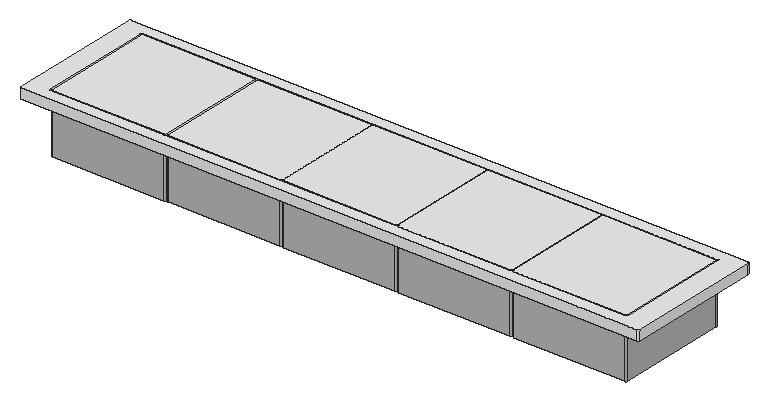
Revit family "Schneider_D-Life_5-elementos", category Electrical Fixtures, host Face, Revit 2015
Parameters (values of type "Estándar")
  Versión = "L2.00"  # constant formula
  Vacío.Espesor = 30 mm
  Tecla.Perpendicular [instance] = no
  Tecla.Anchura = 70 mm  # constant formula
  Símbolo5.dx.Control [instance] = Símbolo5.dx + 140 mm  # 220 mm
  Símbolo5.dx [instance] = 80 mm
  Símbolo4.dx.Control [instance] = Símbolo4.dx + 70 mm  # 110 mm
  Símbolo4.dx [instance] = 40 mm
  Símbolo3.dx.Control [instance] = Símbolo3.dx  # 0 mm
  Símbolo3.dx [instance] = 0 mm
  Símbolo2.dx.Control [instance] = Símbolo2.dx - 70 mm  # -110 mm
  Símbolo2.dx [instance] = -40 mm
  Símbolo1.dx.Control [instance] = Símbolo1.dx - 140 mm  # -220 mm
  Símbolo.dy [instance] = 40 mm
  Símbolo1.dx [instance] = -80 mm
  Símbolo.Simetría [instance] = no
  Símbolo.Giro [instance] = 0.00°
  Revisado por = "000"  # constant formula
  Modificado por = "000"  # constant formula
  Modelado por = "034"  # constant formula
  Marco.Tipo = Schneider_D-Life_Marco_5-elementos : Ártico
  Elemento5.Tipo = Schneider_D-Life_Mecanismo-Tecla_Accesorios-Zumbador : Timbre-Ártico
  Elemento4.Tipo = Schneider_D-Life_Mecanismo-Tecla_Accesorios-Zumbador : Timbre-Ártico
  Elemento3.Tipo = Schneider_D-Life_Mecanismo-Tecla_Accesorios-Zumbador : Timbre-Ártico
  Elemento2.Tipo = Schneider_D-Life_Mecanismo-Tecla_Accesorios-Zumbador : Timbre-Ártico
  Elemento1.Tipo = Schneider_D-Life_Mecanismo-Tecla_Accesorios-Zumbador : Timbre-Ártico
  Desfase.Z.Positivo [instance] = if(Desfase > 0 mm, Desfase, 0 mm)  # 0 mm
  Desfase.Z.Negativo [instance] = if(Desfase < 0 mm, -1 * Desfase, 0 mm)  # 0 mm
  Desfase [instance] = 0 mm
  Default Elevation = 1000 mm
  Autor.URL = "www.a3d.es"
  Autor = "A3D Consulting"  # constant formula
Reference planes
  plane 1 "Centro (Frontal/Posterior)": y = 0
  plane 2: z = 0
  plane 3 "Centro (Izquierda/Derecha)": x = 0
  plane 4 "Geometría.Z.Positivo": z = 0
  plane 5 "Geometría.Z.Negativo": z = 0
  plane 6: x = -35
  plane 7: x = 35
  plane 8: x = -105
  plane 9: x = 105
Forms (mm)
  Sweep 1, void
    path origin (0, 0, 0) x (1, 0, 0) y (0, 0, 1)
      loop
        line (0, 0) -> (0, -30)
    profile origin (0, 0, -15) x (0, -1, 0) y (1, 0, 0)
      loop
        line (-34, -175.75) -> (34, -175.75)
        arc (34, -175.75) -> (34.707, -175.457) -> (35, -174.75) r 1
        line (35, -174.75) -> (35, 174.75)
        arc (35, 174.75) -> (34.707, 175.457) -> (34, 175.75) r 1
        line (34, 175.75) -> (-34, 175.75)
        arc (-34, 175.75) -> (-34.707, 175.457) -> (-35, 174.75) r 1
        line (-35, 174.75) -> (-35, -174.75)
        arc (-35, -174.75) -> (-34.707, -175.457) -> (-34, -175.75) r 1
Text (mm)
  text "A3D CONSULTING INTEGRATED BIM SOLUTIONS, S.L.\n\nCONTRATO DE LICENCIA DE USUARIO FINAL\n\n\n\n\n\nAVISO A LOS USUARIOS: LEA ATENTAMENTE EL SIGUIENTE CONTRATO ANTES DE CONTINUAR. EL USO DEL CONTENIDO BIM EN FORMATO REVIT QUE SE ACOMPAÑA DEL PRESENTE ACUERDO (\"CONTENIDO BIM A3D CONSULTING\") CONSTITUYE SU ACEPTACIÓN DE ESTOS TÉRMINOS. SI USTED NO ESTÁ DE ACUERDO CON LAS CONDICIONES DE ESTE ACUERDO NO ABRA, ACCEDA DIRECTA O INDIRECTAMENTE, MODIFIQUE,  COPIE NI USE EL CONTENIDO BIM A3D CONSULTING, NI TOTAL NI PARCIALMENTE. EL USO DEL CONTENIDO BIM A3D CONSULTING POR PARTE DEL USUARIO ESTÁ CONDICIONADO AL CUMPLIMIENTO POR EL MISMO DE LOS TÉRMINOS DE ESTE ACUERDO.\n\n\n\n1.\tDEFINICIONES\n\nEste contrato de licencia de usuario final para el Contenido BIM A3D Consulting (“CLUF”) constituye un acuerdo legal entre usted como usuario final (ya sea persona física o entidad legalmente reconocida) (el \"Titular de la licencia\") y A3D CONSULTING INTEGRATED BIM SOLUTIONS, S.L. para el Contenido BIM A3D Consulting que acompaña a este CLUF. El Contenido BIM A3D CONSULTING consiste en uno o varios archivos en formato Autodesk Revit, pudiendo incluir elementos y medios asociados, así como la documentación \"en línea\" o electrónica (\"Contenido BIM A3D Consulting \").\n\n\n\n2.\tCONCESIÓN DE LA LICENCIA\n\nA3D CONSULTING INTEGRATED BIM SOLUTIONS, S.L. le concede una licencia para utilizar y modificar el contenido BIM incluido en una copia de Contenido BIM A3D Consulting.  El \"Titular de la licencia \" designa a la empresa, entidad o persona física, cuyos fondos son utilizados para pagar la cuota de licencia. \"Uso\" designa la copia, el almacenaje, la carga, la instalación o la muestra del Contenido BIM A3D Consulting. En virtud del presente, el Titular de la licencia no puede alquilar, arrendar, ceder, prestar, vender ni sublicenciar el Contenido BIM A3D Consulting a otra persona física, empresa o entidad.\n\n\n\n3.\tPROPIEDAD\n\nA3D CONSULTING INTEGRATED BIM SOLUTIONS, S.L. es el propietario y el titular del copyright del Contenido BIM A3D Consulting. La licencia adquirida no confiere al Titular de la licencia ningún título o propiedad sobre el contenido y no debe interpretarse como una venta de ningún derecho.\n\n\n\n4.\tCOPYRIGHT\n\nEl Contenido BIM A3D Consulting está protegido por las leyes españolas del copyright, las disposiciones de los tratados internacionales y otras leyes aplicables. En virtud del presente, el Titular de la licencia reconoce que no se le transfiere ningún título de la propiedad intelectual de A3D CONSULTING INTEGRATED BIM SOLUTIONS, S.L.. Además, el Titular de la licencia reconoce que el título y todos los derechos de autor sobre el Contenido BIM A3D Consulting seguirán siendo propiedad exclusiva de A3D CONSULTING INTEGRATED BIM SOLUTIONS, S.L. y no adquirirá ningún derecho sobre el Contenido BIM A3D Consulting, a excepción de lo expresamente establecido en esta licencia.\n\n\n\n5.\tRESPONSABILIDAD\n\nEn virtud del presente, el Titular de la licencia acepta que defenderá, indemnizará y eximirá a A3D CONSULTING INTEGRATED BIM SOLUTIONS, S.L. de cualesquiera reclamaciones o responsabilidades derivadas del uso, uso indebido, distribución o ejecución del Contenido BIM A3D Consulting de A3D CONSULTING INTEGRATED BIM SOLUTIONS, S.L., incluyendo las reclamaciones presentadas en contra del Titular de la licencia por el uso de dicho  contenido. Asimismo, el Titular de la licencia acepta eximir de toda responsabilidad y proteger a A3D CONSULTING INTEGRATED BIM SOLUTIONS, S.L. frente a cualquier tipo de demandas civiles, legales o penales. Las cantidades derivadas de dichos procesos, incluyendo resoluciones y costas judiciales, correrán a cargo del Titular de la licencia.\n\n\n\n6.\tGARANTÍA\n\nDurante un periodo de 30 días, a contar a partir de la fecha de entrega del producto, A3D CONSULTING INTEGRATED BIM SOLUTIONS, S.L. garantiza que dicho producto está libre de defectos en los materiales y la mano de obra. En caso de incumplimiento de esta garantía, el Titular de la licencia recibirá como  única compensación el reemplazo del producto. El Contenido BIM A3D Consulting y cualquier documentación relacionada se proporcionan \"tal cual\", sin garantía de ningún tipo, ya sea expresa o implícita, incluyendo, a título enunciativo pero no limitativo, las garantías implícitas o comerciabilidad, la idoneidad para un propósito particular o la inexistencia de infracción. Cualquier riesgo derivado del uso o los resultados del Contenido BIM A3D Consulting correrá a cargo del licenciatario.\n\n\n\n7.\tLEGISLACIÓN APLICABLE\n\nTodos los aspectos del presente Contrato se regirán e interpretarán de conformidad con la legislación vigente en España.\n\n\n\n8.\tENMIENDAS\n\nA3D CONSULTING INTEGRATED BIM SOLUTIONS, S.L. se reserva el derecho de modificar este acuerdo en cualquier momento.\n\n\n\n9.\tAPLICABILIDAD\n\nEn caso de que alguna de las disposiciones de este acuerdo fuera nula o inaplicable, las partes acuerdan que dicha invalidez no afectará a la validez de las disposiciones restantes de este acuerdo.\n\n\n\n- FIN DEL CONTRATO DE LICENCIA DE USUARIO FINAL -\n\nBarcelona / España, 15.02.2015\n\nA3D CONSULTING INTEGRATED BIM SOLUTIONS, S.L." at (-2386.934, 1015.184, 0), in view "CLUF"
Dimensions and locks
  "Desfase.Z.Negativo": level to plane 5 "Geometría.Z.Negativo"
  "Desfase.Z.Positivo": plane 4 "Geometría.Z.Positivo" to plane 5 "Geometría.Z.Negativo"
  "Tecla.Anchura": plane 6 to plane 7
  equal spacing: plane 8, plane 6, plane 7, plane 9
  equal spacing: plane 6, plane 3 "Centro (Izquierda/Derecha)", plane 7
  "Vacío.Espesor": plane 4 "Geometría.Z.Positivo" to Sweep 1 sketch curve
  aligned and locked: plane 2 to host face
  aligned and locked: level to host face
  aligned and locked: plane 2 to Sweep 1 sketch curve
  aligned and locked: Sweep 1 sketch curve to plane 3 "Centro (Izquierda/Derecha)"
  aligned and locked: plane 1 "Centro (Frontal/Posterior)" to nested 1
  aligned and locked: plane 3 "Centro (Izquierda/Derecha)" to nested 1
  aligned and locked: plane 1 "Centro (Frontal/Posterior)" to nested 4
  aligned and locked: plane 1 "Centro (Frontal/Posterior)" to nested 3
  aligned and locked: plane 1 "Centro (Frontal/Posterior)" to nested 5
  aligned and locked: plane 1 "Centro (Frontal/Posterior)" to nested 6
Automatic sketch dimensions
  host sketch curve to host sketch curve = 1994.597 mm
  host sketch curve to host sketch curve = 2000 mm
Nested families
  nested 1: "Schneider_D-Life_Marco_5-elementos" at (0, 0, 0), type <- "Marco.Tipo", type "Ártico"
    with Schneider.D-Life.Cost 10.87, Marco.Anchura.Control 7 mm, Marco.Anchura 84 mm
  nested 2: "Schneider_D-Life_Mecanismo-Tecla_Accesorios-Zumbador" at (-140.15, 0, 0), Tecla.Perpendicular <- "Tecla.Perpendicular", Símbolo.dy <- "Símbolo.dy", Símbolo.dx <- "Símbolo1.dx", type <- "Elemento1.Tipo", Símbolo.Simetría <- "Símbolo.Simetría", Símbolo2.dx <- "Símbolo1.dx.Control", type "Timbre-Ártico"
    with Tecla.Perpendicular no, Símbolo2.dx -220 mm, Símbolo.dy 40 mm, Símbolo.dx -80 mm, Símbolo.Simetría no
  nested 3: "Schneider_D-Life_Mecanismo-Tecla_Accesorios-Zumbador" at (0.15, 0, 0), Tecla.Perpendicular <- "Tecla.Perpendicular", Símbolo.dx <- "Símbolo3.dx", Símbolo.dy <- "Símbolo.dy", type <- "Elemento3.Tipo", Símbolo.Simetría <- "Símbolo.Simetría", Símbolo2.dx <- "Símbolo3.dx.Control", type "Timbre-Ártico"
    with Tecla.Perpendicular no, Símbolo2.dx 0 mm, Símbolo.dy 40 mm, Símbolo.dx 0 mm, Símbolo.Simetría no
  nested 4: "Schneider_D-Life_Mecanismo-Tecla_Accesorios-Zumbador" at (-69.85, 0, 0), Símbolo.dx <- "Símbolo2.dx", Símbolo.dy <- "Símbolo.dy", Tecla.Perpendicular <- "Tecla.Perpendicular", type <- "Elemento2.Tipo", Símbolo.Simetría <- "Símbolo.Simetría", Símbolo2.dx <- "Símbolo2.dx.Control", type "Timbre-Ártico"
    with Tecla.Perpendicular no, Símbolo2.dx -110 mm, Símbolo.dy 40 mm, Símbolo.dx -40 mm, Símbolo.Simetría no
  nested 5: "Schneider_D-Life_Mecanismo-Tecla_Accesorios-Zumbador" at (70.15, 0, 0), Tecla.Perpendicular <- "Tecla.Perpendicular", Símbolo.dx <- "Símbolo4.dx", Símbolo.dy <- "Símbolo.dy", type <- "Elemento4.Tipo", Símbolo.Simetría <- "Símbolo.Simetría", Símbolo2.dx <- "Símbolo4.dx.Control", type "Timbre-Ártico"
    with Tecla.Perpendicular no, Símbolo2.dx 110 mm, Símbolo.dy 40 mm, Símbolo.dx 40 mm, Símbolo.Simetría no
  nested 6: "Schneider_D-Life_Mecanismo-Tecla_Accesorios-Zumbador" at (140.15, 0, 0), Símbolo.dy <- "Símbolo.dy", Símbolo.dx <- "Símbolo5.dx", Tecla.Perpendicular <- "Tecla.Perpendicular", type <- "Elemento5.Tipo", Símbolo.Simetría <- "Símbolo.Simetría", Símbolo2.dx <- "Símbolo5.dx.Control", type "Timbre-Ártico"
    with Tecla.Perpendicular no, Símbolo2.dx 220 mm, Símbolo.dy 40 mm, Símbolo.dx 80 mm, Símbolo.Simetría no
  nested 7: "Schneider_D-Life_Mecanismo_Accesorios_Timbre-electrónico" at (-140.15, 0, 0), type "Timbre electrónico 5 melodías"
    with Símbolo2.dx -220 mm, Símbolo.dy.Control -40 mm, Símbolo.dy 40 mm, Símbolo.dx -80 mm, Símbolo.Simetría no, Símbolo.Control yes, Schneider.D-Life.Cost 60.08, Espesor 30 mm
  nested 8: "Schneider_D-Life_Tecla_Tapa_Tapa-ciega-zumbador" at (-140.15, 0, 1), type "Ártico"
    with Ángulo.Control 0.00°, Tecla.Perpendicular no, Schneider.D-Life.Cost 6.3
  nested 9: "Schneider_D-Life_Mecanismo_Accesorios_Timbre-electrónico" at (0.15, 0, 0), type "Timbre electrónico 5 melodías"
    with Símbolo2.dx 0 mm, Símbolo.dy.Control -40 mm, Símbolo.dy 40 mm, Símbolo.dx 0 mm, Símbolo.Simetría no, Símbolo.Control yes, Schneider.D-Life.Cost 60.08, Espesor 30 mm
  nested 10: "Schneider_D-Life_Tecla_Tapa_Tapa-ciega-zumbador" at (0.15, 0, 1), type "Ártico"
    with Ángulo.Control 0.00°, Tecla.Perpendicular no, Schneider.D-Life.Cost 6.3
  nested 11: "Schneider_D-Life_Mecanismo_Accesorios_Timbre-electrónico" at (-69.85, 0, 0), type "Timbre electrónico 5 melodías"
    with Símbolo2.dx -110 mm, Símbolo.dy.Control -40 mm, Símbolo.dy 40 mm, Símbolo.dx -40 mm, Símbolo.Simetría no, Símbolo.Control yes, Schneider.D-Life.Cost 60.08, Espesor 30 mm
  nested 12: "Schneider_D-Life_Tecla_Tapa_Tapa-ciega-zumbador" at (-69.85, 0, 1), type "Ártico"
    with Ángulo.Control 0.00°, Tecla.Perpendicular no, Schneider.D-Life.Cost 6.3
  nested 13: "Schneider_D-Life_Mecanismo_Accesorios_Timbre-electrónico" at (70.15, 0, 0), type "Timbre electrónico 5 melodías"
    with Símbolo2.dx 110 mm, Símbolo.dy.Control -40 mm, Símbolo.dy 40 mm, Símbolo.dx 40 mm, Símbolo.Simetría no, Símbolo.Control yes, Schneider.D-Life.Cost 60.08, Espesor 30 mm
  nested 14: "Schneider_D-Life_Tecla_Tapa_Tapa-ciega-zumbador" at (70.15, 0, 1), type "Ártico"
    with Ángulo.Control 0.00°, Tecla.Perpendicular no, Schneider.D-Life.Cost 6.3
  nested 15: "Schneider_D-Life_Mecanismo_Accesorios_Timbre-electrónico" at (140.15, 0, 0), type "Timbre electrónico 5 melodías"
    with Símbolo2.dx 220 mm, Símbolo.dy.Control -40 mm, Símbolo.dy 40 mm, Símbolo.dx 80 mm, Símbolo.Simetría no, Símbolo.Control yes, Schneider.D-Life.Cost 60.08, Espesor 30 mm
  nested 16: "Schneider_D-Life_Tecla_Tapa_Tapa-ciega-zumbador" at (140.15, 0, 1), type "Ártico"
    with Ángulo.Control 0.00°, Tecla.Perpendicular no, Schneider.D-Life.Cost 6.3
Definition of nested family "Schneider_D-Life_Marco_5-elementos"
  Parameters (values of type "Estándar")
    Tecla.Longitud.Control = Tecla.Longitud * 0.8 + Espesor * 0  # 56.24 mm
    Tecla.Anchura.Control = Tecla.Anchura * 0.8 + Espesor * 0  # 56 mm
    Soporte.Espesor = 1 mm
    Schneider.D-Life.Ud.Vta = ""
    Schneider.D-Life.Reference = ""
    Schneider.D-Life.Emb = ""
    Schneider.D-Life.Cost = 0
    Revisado por = "000"  # constant formula
    Modificado por = "000"  # constant formula
    Modelado por = "034"  # constant formula
    Marco.Longitud.Control = (Marco.Longitud - 5 * Tecla.Longitud) / 2  # 12.45 mm
    Marco.Longitud = 376.4 mm
    Marco.Anchura.Control = (Marco.Anchura - Tecla.Anchura) / 2  # 9.7 mm
    Marco.Anchura = 89.4 mm
    Juntas.Desfase = 0.5 mm
    Default Elevation = 1219.2 mm
    Cuerpo.Redondeo = 1 mm
    Tecla.Anchura = 70 mm
    Espesor = 5 mm
    Versión = "L2.00"  # constant formula
    Material = none
    Tecla.Longitud = 70.3 mm
    Autor.URL = "www.a3d.es"
    Autor = "A3D Consulting"  # constant formula
    Anclaje.Recrecido = 1 mm
  Reference planes
    plane 1 "Centro (Frontal/Posterior)": y = 0
    plane 2: z = 0
    plane 3 "Centro (Izquierda/Derecha)": x = 0
    plane 4 "Izquierda": x = -175.75
    plane 5 "Derecha": x = 175.75
    plane 6 "Posterior": y = 35
    plane 7 "Frontal": y = -35
    plane 8 "Tapa.Superior": z = 6
    plane 9 "Tecla.Izquierda": x = -35.15
    plane 10 "Tecla.Derecha": x = 35.15
    plane 11 "Tecla.Derecha.Eje": x = 105.45
    plane 12 "Tecla.Izquierda.Eje": x = -105.45
    plane 13 "Soporte.Cota": z = 1
    plane 14: x = -140.6
    plane 15: x = -70.3
    plane 16: x = 70.3
    plane 17: x = 140.6
  Forms (mm)
    Sweep 1, solid, material <- "Material"
      path origin (0, 0, 0) x (1, 0, 0) y (0, 0, 1)
        loop
          line (0, 6) -> (0, 0)
      profile origin (0, 0, 3) x (0, -1, 0) y (1, 0, 0)
        loop
          arc (-44.7, -187.2) -> (-44.407, -187.907) -> (-43.7, -188.2) r 1
          line (-43.7, -188.2) -> (43.7, -188.2)
          arc (43.7, -188.2) -> (44.407, -187.907) -> (44.7, -187.2) r 1
          line (44.7, -187.2) -> (44.7, 187.2)
          arc (44.7, 187.2) -> (44.407, 187.907) -> (43.7, 188.2) r 1
          line (43.7, 188.2) -> (-43.7, 188.2)
          arc (-43.7, 188.2) -> (-44.407, 187.907) -> (-44.7, 187.2) r 1
          line (-44.7, 187.2) -> (-44.7, -187.2)
        loop
          arc (-35, -174.75) -> (-34.707, -175.457) -> (-34, -175.75) r 1
          line (-34, -175.75) -> (34, -175.75)
          arc (34, -175.75) -> (34.707, -175.457) -> (35, -174.75) r 1
          line (35, -174.75) -> (35, 174.75)
          arc (35, 174.75) -> (34.707, 175.457) -> (34, 175.75) r 1
          line (34, 175.75) -> (-34, 175.75)
          arc (-34, 175.75) -> (-34.707, 175.457) -> (-35, 174.75) r 1
          line (-35, 174.75) -> (-35, -174.75)
    Sweep 2, solid, material <- "Material"
      path origin (0, 0, 0) x (1, 0, 0) y (0, 0, 1)
        loop
          line (0, 1) -> (0, 0)
      profile origin (0, 0, 0.5) x (0, -1, 0) y (1, 0, 0)
        loop
          arc (-35, -174.75) -> (-34.707, -175.457) -> (-34, -175.75) r 1
          line (-34, -175.75) -> (34, -175.75)
          arc (34, -175.75) -> (34.707, -175.457) -> (35, -174.75) r 1
          line (35, -174.75) -> (35, 174.75)
          arc (35, 174.75) -> (34.707, 175.457) -> (34, 175.75) r 1
          line (34, 175.75) -> (-34, 175.75)
          arc (-34, 175.75) -> (-34.707, 175.457) -> (-35, 174.75) r 1
          line (-35, 174.75) -> (-35, -174.75)
        loop
          line (-27.12, -156.872) -> (-27.12, -167.72) -> (-16.272, -167.72) -> (-16.272, -166.72) -> (-5.424, -166.72) -> (-5.424, -168.72) -> (5.424, -168.72) -> (5.424, -166.72) -> (16.272, -166.72) -> (16.272, -167.72) -> (27.12, -167.72) -> (27.12, -156.872) -> (26.12, -156.872) -> (26.12, -146.024) -> (28.12, -146.024) -> (28.12, -135.176) -> (26.12, -135.176) -> (26.12, -124.328) -> (27.12, -124.328) -> (27.12, -113.48) -> (16.272, -113.48) -> (16.272, -114.48) -> (5.424, -114.48) -> (5.424, -112.48) -> (-5.424, -112.48) -> (-5.424, -114.48) -> (-16.272, -114.48) -> (-16.272, -113.48) -> (-27.12, -113.48) -> (-27.12, -124.328) -> (-26.12, -124.328) -> (-26.12, -135.176) -> (-28.12, -135.176) -> (-28.12, -146.024) -> (-26.12, -146.024) -> (-26.12, -156.872) -> (-27.12, -156.872)
        loop
          line (-27.12, -86.572) -> (-27.12, -97.42) -> (-16.272, -97.42) -> (-16.272, -96.42) -> (-5.424, -96.42) -> (-5.424, -98.42) -> (5.424, -98.42) -> (5.424, -96.42) -> (16.272, -96.42) -> (16.272, -97.42) -> (27.12, -97.42) -> (27.12, -86.572) -> (26.12, -86.572) -> (26.12, -75.724) -> (28.12, -75.724) -> (28.12, -64.876) -> (26.12, -64.876) -> (26.12, -54.028) -> (27.12, -54.028) -> (27.12, -43.18) -> (16.272, -43.18) -> (16.272, -44.18) -> (5.424, -44.18) -> (5.424, -42.18) -> (-5.424, -42.18) -> (-5.424, -44.18) -> (-16.272, -44.18) -> (-16.272, -43.18) -> (-27.12, -43.18) -> (-27.12, -54.028) -> (-26.12, -54.028) -> (-26.12, -64.876) -> (-28.12, -64.876) -> (-28.12, -75.724) -> (-26.12, -75.724) -> (-26.12, -86.572) -> (-27.12, -86.572)
        loop
          line (-27.12, -16.272) -> (-27.12, -27.12) -> (-16.272, -27.12) -> (-16.272, -26.12) -> (-5.424, -26.12) -> (-5.424, -28.12) -> (5.424, -28.12) -> (5.424, -26.12) -> (16.272, -26.12) -> (16.272, -27.12) -> (27.12, -27.12) -> (27.12, -16.272) -> (26.12, -16.272) -> (26.12, -5.424) -> (28.12, -5.424) -> (28.12, 5.424) -> (26.12, 5.424) -> (26.12, 16.272) -> (27.12, 16.272) -> (27.12, 27.12) -> (16.272, 27.12) -> (16.272, 26.12) -> (5.424, 26.12) -> (5.424, 28.12) -> (-5.424, 28.12) -> (-5.424, 26.12) -> (-16.272, 26.12) -> (-16.272, 27.12) -> (-27.12, 27.12) -> (-27.12, 16.272) -> (-26.12, 16.272) -> (-26.12, 5.424) -> (-28.12, 5.424) -> (-28.12, -5.424) -> (-26.12, -5.424) -> (-26.12, -16.272) -> (-27.12, -16.272)
        loop
          line (-27.12, 54.028) -> (-27.12, 43.18) -> (-16.272, 43.18) -> (-16.272, 44.18) -> (-5.424, 44.18) -> (-5.424, 42.18) -> (5.424, 42.18) -> (5.424, 44.18) -> (16.272, 44.18) -> (16.272, 43.18) -> (27.12, 43.18) -> (27.12, 54.028) -> (26.12, 54.028) -> (26.12, 64.876) -> (28.12, 64.876) -> (28.12, 75.724) -> (26.12, 75.724) -> (26.12, 86.572) -> (27.12, 86.572) -> (27.12, 97.42) -> (16.272, 97.42) -> (16.272, 96.42) -> (5.424, 96.42) -> (5.424, 98.42) -> (-5.424, 98.42) -> (-5.424, 96.42) -> (-16.272, 96.42) -> (-16.272, 97.42) -> (-27.12, 97.42) -> (-27.12, 86.572) -> (-26.12, 86.572) -> (-26.12, 75.724) -> (-28.12, 75.724) -> (-28.12, 64.876) -> (-26.12, 64.876) -> (-26.12, 54.028) -> (-27.12, 54.028)
        loop
          line (-27.12, 124.328) -> (-27.12, 113.48) -> (-16.272, 113.48) -> (-16.272, 114.48) -> (-5.424, 114.48) -> (-5.424, 112.48) -> (5.424, 112.48) -> (5.424, 114.48) -> (16.272, 114.48) -> (16.272, 113.48) -> (27.12, 113.48) -> (27.12, 124.328) -> (26.12, 124.328) -> (26.12, 135.176) -> (28.12, 135.176) -> (28.12, 146.024) -> (26.12, 146.024) -> (26.12, 156.872) -> (27.12, 156.872) -> (27.12, 167.72) -> (16.272, 167.72) -> (16.272, 166.72) -> (5.424, 166.72) -> (5.424, 168.72) -> (-5.424, 168.72) -> (-5.424, 166.72) -> (-16.272, 166.72) -> (-16.272, 167.72) -> (-27.12, 167.72) -> (-27.12, 156.872) -> (-26.12, 156.872) -> (-26.12, 146.024) -> (-28.12, 146.024) -> (-28.12, 135.176) -> (-26.12, 135.176) -> (-26.12, 124.328) -> (-27.12, 124.328)
  Text (mm)
    text "A3D CONSULTING INTEGRATED BIM SOLUTIONS, S.L.\n\nCONTRATO DE LICENCIA DE USUARIO FINAL\n\n\n\n\n\nAVISO A LOS USUARIOS: LEA ATENTAMENTE EL SIGUIENTE CONTRATO ANTES DE CONTINUAR. EL USO DEL CONTENIDO BIM EN FORMATO REVIT QUE SE ACOMPAÑA DEL PRESENTE ACUERDO (\"CONTENIDO BIM A3D CONSULTING\") CONSTITUYE SU ACEPTACIÓN DE ESTOS TÉRMINOS. SI USTED NO ESTÁ DE ACUERDO CON LAS CONDICIONES DE ESTE ACUERDO NO ABRA, ACCEDA DIRECTA O INDIRECTAMENTE, MODIFIQUE,  COPIE NI USE EL CONTENIDO BIM A3D CONSULTING, NI TOTAL NI PARCIALMENTE. EL USO DEL CONTENIDO BIM A3D CONSULTING POR PARTE DEL USUARIO ESTÁ CONDICIONADO AL CUMPLIMIENTO POR EL MISMO DE LOS TÉRMINOS DE ESTE ACUERDO.\n\n\n\n1.\tDEFINICIONES\n\nEste contrato de licencia de usuario final para el Contenido BIM A3D Consulting (“CLUF”) constituye un acuerdo legal entre usted como usuario final (ya sea persona física o entidad legalmente reconocida) (el \"Titular de la licencia\") y A3D CONSULTING INTEGRATED BIM SOLUTIONS, S.L. para el Contenido BIM A3D Consulting que acompaña a este CLUF. El Contenido BIM A3D CONSULTING consiste en uno o varios archivos en formato Autodesk Revit, pudiendo incluir elementos y medios asociados, así como la documentación \"en línea\" o electrónica (\"Contenido BIM A3D Consulting \").\n\n\n\n2.\tCONCESIÓN DE LA LICENCIA\n\nA3D CONSULTING INTEGRATED BIM SOLUTIONS, S.L. le concede una licencia para utilizar y modificar el contenido BIM incluido en una copia de Contenido BIM A3D Consulting.  El \"Titular de la licencia \" designa a la empresa, entidad o persona física, cuyos fondos son utilizados para pagar la cuota de licencia. \"Uso\" designa la copia, el almacenaje, la carga, la instalación o la muestra del Contenido BIM A3D Consulting. En virtud del presente, el Titular de la licencia no puede alquilar, arrendar, ceder, prestar, vender ni sublicenciar el Contenido BIM A3D Consulting a otra persona física, empresa o entidad.\n\n\n\n3.\tPROPIEDAD\n\nA3D CONSULTING INTEGRATED BIM SOLUTIONS, S.L. es el propietario y el titular del copyright del Contenido BIM A3D Consulting. La licencia adquirida no confiere al Titular de la licencia ningún título o propiedad sobre el contenido y no debe interpretarse como una venta de ningún derecho.\n\n\n\n4.\tCOPYRIGHT\n\nEl Contenido BIM A3D Consulting está protegido por las leyes españolas del copyright, las disposiciones de los tratados internacionales y otras leyes aplicables. En virtud del presente, el Titular de la licencia reconoce que no se le transfiere ningún título de la propiedad intelectual de A3D CONSULTING INTEGRATED BIM SOLUTIONS, S.L.. Además, el Titular de la licencia reconoce que el título y todos los derechos de autor sobre el Contenido BIM A3D Consulting seguirán siendo propiedad exclusiva de A3D CONSULTING INTEGRATED BIM SOLUTIONS, S.L. y no adquirirá ningún derecho sobre el Contenido BIM A3D Consulting, a excepción de lo expresamente establecido en esta licencia.\n\n\n\n5.\tRESPONSABILIDAD\n\nEn virtud del presente, el Titular de la licencia acepta que defenderá, indemnizará y eximirá a A3D CONSULTING INTEGRATED BIM SOLUTIONS, S.L. de cualesquiera reclamaciones o responsabilidades derivadas del uso, uso indebido, distribución o ejecución del Contenido BIM A3D Consulting de A3D CONSULTING INTEGRATED BIM SOLUTIONS, S.L., incluyendo las reclamaciones presentadas en contra del Titular de la licencia por el uso de dicho  contenido. Asimismo, el Titular de la licencia acepta eximir de toda responsabilidad y proteger a A3D CONSULTING INTEGRATED BIM SOLUTIONS, S.L. frente a cualquier tipo de demandas civiles, legales o penales. Las cantidades derivadas de dichos procesos, incluyendo resoluciones y costas judiciales, correrán a cargo del Titular de la licencia.\n\n\n\n6.\tGARANTÍA\n\nDurante un periodo de 30 días, a contar a partir de la fecha de entrega del producto, A3D CONSULTING INTEGRATED BIM SOLUTIONS, S.L. garantiza que dicho producto está libre de defectos en los materiales y la mano de obra. En caso de incumplimiento de esta garantía, el Titular de la licencia recibirá como  única compensación el reemplazo del producto. El Contenido BIM A3D Consulting y cualquier documentación relacionada se proporcionan \"tal cual\", sin garantía de ningún tipo, ya sea expresa o implícita, incluyendo, a título enunciativo pero no limitativo, las garantías implícitas o comerciabilidad, la idoneidad para un propósito particular o la inexistencia de infracción. Cualquier riesgo derivado del uso o los resultados del Contenido BIM A3D Consulting correrá a cargo del licenciatario.\n\n\n\n7.\tLEGISLACIÓN APLICABLE\n\nTodos los aspectos del presente Contrato se regirán e interpretarán de conformidad con la legislación vigente en España.\n\n\n\n8.\tENMIENDAS\n\nA3D CONSULTING INTEGRATED BIM SOLUTIONS, S.L. se reserva el derecho de modificar este acuerdo en cualquier momento.\n\n\n\n9.\tAPLICABILIDAD\n\nEn caso de que alguna de las disposiciones de este acuerdo fuera nula o inaplicable, las partes acuerdan que dicha invalidez no afectará a la validez de las disposiciones restantes de este acuerdo.\n\n\n\n- FIN DEL CONTRATO DE LICENCIA DE USUARIO FINAL -\n\nBarcelona / España, 15.02.2015\n\nA3D CONSULTING INTEGRATED BIM SOLUTIONS, S.L." at (2.016, -2, 0), in view "CLUF"
  Dimensions and locks
    equal spacing: plane 7 "Frontal", plane 1 "Centro (Frontal/Posterior)", plane 6 "Posterior"
    "Tecla.Anchura": plane 7 "Frontal" to plane 6 "Posterior"
    "Marco.Anchura.Control": Sweep 1 sketch curve to plane 6 "Posterior"
    "Marco.Anchura.Control": Sweep 1 sketch curve to plane 7 "Frontal"
    "Marco.Longitud.Control": Sweep 1 sketch curve to plane 4 "Izquierda"
    "Marco.Longitud.Control": plane 5 "Derecha" to Sweep 1 sketch curve
    equal spacing: plane 9 "Tecla.Izquierda", plane 3 "Centro (Izquierda/Derecha)", plane 10 "Tecla.Derecha"
    "Tecla.Longitud": plane 9 "Tecla.Izquierda" to plane 10 "Tecla.Derecha"
    equal spacing: plane 4 "Izquierda", plane 12 "Tecla.Izquierda.Eje", plane 9 "Tecla.Izquierda", plane 10 "Tecla.Derecha", plane 11 "Tecla.Derecha.Eje", plane 5 "Derecha"
    "Soporte.Espesor": plane 13 "Soporte.Cota" to plane 2
    "Espesor": plane 8 "Tapa.Superior" to plane 13 "Soporte.Cota"
    equal spacing: plane 12 "Tecla.Izquierda.Eje", plane 15, plane 9 "Tecla.Izquierda"
    equal spacing: plane 4 "Izquierda", plane 14, plane 12 "Tecla.Izquierda.Eje"
    equal spacing: plane 10 "Tecla.Derecha", plane 16, plane 11 "Tecla.Derecha.Eje"
    equal spacing: plane 11 "Tecla.Derecha.Eje", plane 17, plane 5 "Derecha"
    equal spacing: Sweep 2 sketch curve, plane 14, Sweep 2 sketch curve
    equal spacing: Sweep 2 sketch curve, Sweep 2 sketch curve, Sweep 2 sketch curve, Sweep 2 sketch curve, Sweep 2 sketch curve, Sweep 2 sketch curve  (x10)
    equal spacing: Sweep 2 sketch curve, plane 1 "Centro (Frontal/Posterior)", Sweep 2 sketch curve
    "Tecla.Longitud.Control": Sweep 2 sketch curve to Sweep 2 sketch curve  (x6)
    "Anclaje.Recrecido": Sweep 2 sketch curve to Sweep 2 sketch curve  (x24)
    Sweep 2 sketch curve to Sweep 2 sketch curve = 10.848 mm
    equal spacing: Sweep 2 sketch curve, plane 15, Sweep 2 sketch curve
    equal spacing: Sweep 2 sketch curve, plane 3 "Centro (Izquierda/Derecha)", Sweep 2 sketch curve
    equal spacing: Sweep 2 sketch curve, plane 16, Sweep 2 sketch curve
    equal spacing: Sweep 2 sketch curve, plane 17, Sweep 2 sketch curve
    "Cuerpo.Redondeo": radius of Sweep 1 sketch curve  (x8)
    "Cuerpo.Redondeo": radius of Sweep 2 sketch curve  (x4)
    aligned and locked: level to plane 2
    aligned and locked: plane 8 "Tapa.Superior" to Sweep 1 sketch curve
    aligned and locked: plane 2 to Sweep 1 sketch curve
    aligned and locked: Sweep 1 sketch curve to plane 3 "Centro (Izquierda/Derecha)"
    aligned and locked: plane 4 "Izquierda" to Sweep 1 sketch curve
    aligned and locked: Sweep 1 sketch curve to plane 7 "Frontal"
    aligned and locked: plane 5 "Derecha" to Sweep 1 sketch curve
    aligned and locked: Sweep 1 sketch curve to plane 6 "Posterior"
    aligned and locked: plane 2 to Sweep 2 sketch curve
    aligned and locked: plane 13 "Soporte.Cota" to Sweep 2 sketch curve
    aligned and locked: Sweep 2 sketch curve to plane 3 "Centro (Izquierda/Derecha)"
    aligned and locked: Sweep 2 sketch curve to plane 7 "Frontal"
    aligned and locked: plane 5 "Derecha" to Sweep 2 sketch curve
    aligned and locked: plane 4 "Izquierda" to Sweep 2 sketch curve
    aligned and locked: Sweep 2 sketch curve to plane 6 "Posterior"
    aligned and locked: Sweep 2 sketch curve to Sweep 2 sketch curve  (x104)
Definition of nested family "Schneider_D-Life_Mecanismo_Accesorios_Timbre-electrónico"
  Parameters (values of type "Estándar")
    Tapa.Fondo.Espesor = 5 mm
    Símbolo2.dx [instance] = 0 mm
    Símbolo.dy.Control [instance] = -Símbolo.dy - Marco.Espesor * 0  # 0 mm
    Símbolo.dy [instance] = 0 mm
    Símbolo.dx [instance] = 0 mm
    Símbolo.Simetría [instance] = yes
    Símbolo.Control [instance] = not(Símbolo.Simetría)  # no
    Schneider.D-Life.Reference = ""
    Schneider.D-Life.Cost = 0
    Revisado por = "000"  # constant formula
    Marco.Espesor = 5 mm
    Agujero.Longitud = Longitud - Marco.Espesor * 2  # 60.3 mm
    Agujero.Anchura = Anchura - Marco.Espesor * 2  # 60 mm
    Modificado por = "000"  # constant formula
    Modelado por = "034"  # constant formula
    Juntas.Desfase = 0.5 mm
    Default Elevation = 1219.2 mm
    Cuerpo.Redondeo = 1 mm
    Anchura = 70 mm
    Espesor = 20 mm
    Versión = "L2.00"  # constant formula
    Material = none
    Longitud = 70.3 mm
    Autor.URL = "www.a3d.es"
    Autor = "A3D Consulting"  # constant formula
  Reference planes
    plane 1 "Centro (Frontal/Posterior)": y = 0
    plane 2: z = 0
    plane 3 "Centro (Izquierda/Derecha)": x = 0
    plane 4 "Izquierda": x = -35.15
    plane 5 "Derecha": x = 35.15
    plane 6 "Posterior": y = 35
    plane 7 "Frontal": y = -35
    plane 8 "Tecla.Izquierda": x = -34.65
    plane 9 "Tecla.Derecha": x = 34.65
    plane 10 "Tecla.Frontal": y = -34.5
    plane 11 "Tecla.Posterior": y = 34.5
    plane 12 "Mecanismo.Inferior": z = -20
    plane 13 "Tapa.Eje": z = -15
  Forms (mm)
    Sweep 1, void
      path origin (0, 34.5, 0) x (-1, 0, 0) y (0, 0, 1)
        loop
          line (34.65, 0) -> (34.65, -20)
      profile origin (-34.65, 34.5, -10) x (0, 1, 0) y (-1, 0, 0)
        loop
          line (0, 0) -> (-1, 0)
          arc (-1, 0) -> (-0.293, -0.293) -> (0, -1) r 1
          line (0, -1) -> (0, 0)
    Sweep 2, void
      path origin (38.686, 34.5, 0) x (-1, 0, 0) y (0, 0, 1)
        loop
          line (4.036, 0) -> (4.036, -20)
      profile origin (34.65, 34.5, -10) x (0, 1, 0) y (-1, 0, 0)
        loop
          line (0, 0) -> (0, 1)
          arc (0, 1) -> (-0.293, 0.293) -> (-1, 0) r 1
          line (-1, 0) -> (0, 0)
    Sweep 3, void
      path origin (0, -34.5, 0) x (-1, 0, 0) y (0, 0, 1)
        loop
          line (34.65, 0) -> (34.65, -20)
      profile origin (-34.65, -34.5, -10) x (0, 1, 0) y (-1, 0, 0)
        loop
          line (0, 0) -> (0, -1)
          arc (0, -1) -> (0.293, -0.293) -> (1, 0) r 1
          line (1, 0) -> (0, 0)
    Sweep 4, void
      path origin (0, -34.5, 0) x (-1, 0, 0) y (0, 0, 1)
        loop
          line (-34.65, 0) -> (-34.65, -20)
      profile origin (34.65, -34.5, -10) x (0, 1, 0) y (-1, 0, 0)
        loop
          line (0, 0) -> (1, 0)
          arc (1, 0) -> (0.293, 0.293) -> (0, 1) r 1
          line (0, 1) -> (0, 0)
    Sweep 5, solid, material <- "Material"
      path origin (0, 0, 0) x (1, 0, 0) y (0, 0, 1)
        loop
          line (0, -20) -> (0, -15)
      profile origin (0, 0, -17.5) x (-1, 0, 0) y (0, -1, 0)
        loop
          line (-34.65, -34.5) -> (34.65, -34.5) -> (34.65, 34.5) -> (-34.65, 34.5) -> (-34.65, -34.5)
    Sweep 6, solid, material <- "Material"
      path origin (0, 0, 0) x (1, 0, 0) y (0, 0, 1)
        loop
          line (0, 0) -> (0, -15)
      profile origin (0, 0, -7.5) x (0, -1, 0) y (1, 0, 0)
        loop
          line (-34.5, -34.65) -> (34.5, -34.65) -> (34.5, 34.65) -> (-34.5, 34.65) -> (-34.5, -34.65)
        loop
          arc (-30, -29.15) -> (-29.707, -29.857) -> (-29, -30.15) r 1
          line (-29, -30.15) -> (29, -30.15)
          arc (29, -30.15) -> (29.707, -29.857) -> (30, -29.15) r 1
          line (30, -29.15) -> (30, 29.15)
          arc (30, 29.15) -> (29.707, 29.857) -> (29, 30.15) r 1
          line (29, 30.15) -> (-29, 30.15)
          arc (-29, 30.15) -> (-29.707, 29.857) -> (-30, 29.15) r 1
          line (-30, 29.15) -> (-30, -29.15)
  Cuts and joins
    Sweep 1, Sweep 2, Sweep 3, Sweep 4 cuts Sweep 5
    Sweep 1, Sweep 2, Sweep 3, Sweep 4 cuts Sweep 6
    joined: Sweep 5, Sweep 6
  Text (mm)
    text "A3D CONSULTING INTEGRATED BIM SOLUTIONS, S.L.\n\nCONTRATO DE LICENCIA DE USUARIO FINAL\n\n\n\n\n\nAVISO A LOS USUARIOS: LEA ATENTAMENTE EL SIGUIENTE CONTRATO ANTES DE CONTINUAR. EL USO DEL CONTENIDO BIM EN FORMATO REVIT QUE SE ACOMPAÑA DEL PRESENTE ACUERDO (\"CONTENIDO BIM A3D CONSULTING\") CONSTITUYE SU ACEPTACIÓN DE ESTOS TÉRMINOS. SI USTED NO ESTÁ DE ACUERDO CON LAS CONDICIONES DE ESTE ACUERDO NO ABRA, ACCEDA DIRECTA O INDIRECTAMENTE, MODIFIQUE,  COPIE NI USE EL CONTENIDO BIM A3D CONSULTING, NI TOTAL NI PARCIALMENTE. EL USO DEL CONTENIDO BIM A3D CONSULTING POR PARTE DEL USUARIO ESTÁ CONDICIONADO AL CUMPLIMIENTO POR EL MISMO DE LOS TÉRMINOS DE ESTE ACUERDO.\n\n\n\n1.\tDEFINICIONES\n\nEste contrato de licencia de usuario final para el Contenido BIM A3D Consulting (“CLUF”) constituye un acuerdo legal entre usted como usuario final (ya sea persona física o entidad legalmente reconocida) (el \"Titular de la licencia\") y A3D CONSULTING INTEGRATED BIM SOLUTIONS, S.L. para el Contenido BIM A3D Consulting que acompaña a este CLUF. El Contenido BIM A3D CONSULTING consiste en uno o varios archivos en formato Autodesk Revit, pudiendo incluir elementos y medios asociados, así como la documentación \"en línea\" o electrónica (\"Contenido BIM A3D Consulting \").\n\n\n\n2.\tCONCESIÓN DE LA LICENCIA\n\nA3D CONSULTING INTEGRATED BIM SOLUTIONS, S.L. le concede una licencia para utilizar y modificar el contenido BIM incluido en una copia de Contenido BIM A3D Consulting.  El \"Titular de la licencia \" designa a la empresa, entidad o persona física, cuyos fondos son utilizados para pagar la cuota de licencia. \"Uso\" designa la copia, el almacenaje, la carga, la instalación o la muestra del Contenido BIM A3D Consulting. En virtud del presente, el Titular de la licencia no puede alquilar, arrendar, ceder, prestar, vender ni sublicenciar el Contenido BIM A3D Consulting a otra persona física, empresa o entidad.\n\n\n\n3.\tPROPIEDAD\n\nA3D CONSULTING INTEGRATED BIM SOLUTIONS, S.L. es el propietario y el titular del copyright del Contenido BIM A3D Consulting. La licencia adquirida no confiere al Titular de la licencia ningún título o propiedad sobre el contenido y no debe interpretarse como una venta de ningún derecho.\n\n\n\n4.\tCOPYRIGHT\n\nEl Contenido BIM A3D Consulting está protegido por las leyes españolas del copyright, las disposiciones de los tratados internacionales y otras leyes aplicables. En virtud del presente, el Titular de la licencia reconoce que no se le transfiere ningún título de la propiedad intelectual de A3D CONSULTING INTEGRATED BIM SOLUTIONS, S.L.. Además, el Titular de la licencia reconoce que el título y todos los derechos de autor sobre el Contenido BIM A3D Consulting seguirán siendo propiedad exclusiva de A3D CONSULTING INTEGRATED BIM SOLUTIONS, S.L. y no adquirirá ningún derecho sobre el Contenido BIM A3D Consulting, a excepción de lo expresamente establecido en esta licencia.\n\n\n\n5.\tRESPONSABILIDAD\n\nEn virtud del presente, el Titular de la licencia acepta que defenderá, indemnizará y eximirá a A3D CONSULTING INTEGRATED BIM SOLUTIONS, S.L. de cualesquiera reclamaciones o responsabilidades derivadas del uso, uso indebido, distribución o ejecución del Contenido BIM A3D Consulting de A3D CONSULTING INTEGRATED BIM SOLUTIONS, S.L., incluyendo las reclamaciones presentadas en contra del Titular de la licencia por el uso de dicho  contenido. Asimismo, el Titular de la licencia acepta eximir de toda responsabilidad y proteger a A3D CONSULTING INTEGRATED BIM SOLUTIONS, S.L. frente a cualquier tipo de demandas civiles, legales o penales. Las cantidades derivadas de dichos procesos, incluyendo resoluciones y costas judiciales, correrán a cargo del Titular de la licencia.\n\n\n\n6.\tGARANTÍA\n\nDurante un periodo de 30 días, a contar a partir de la fecha de entrega del producto, A3D CONSULTING INTEGRATED BIM SOLUTIONS, S.L. garantiza que dicho producto está libre de defectos en los materiales y la mano de obra. En caso de incumplimiento de esta garantía, el Titular de la licencia recibirá como  única compensación el reemplazo del producto. El Contenido BIM A3D Consulting y cualquier documentación relacionada se proporcionan \"tal cual\", sin garantía de ningún tipo, ya sea expresa o implícita, incluyendo, a título enunciativo pero no limitativo, las garantías implícitas o comerciabilidad, la idoneidad para un propósito particular o la inexistencia de infracción. Cualquier riesgo derivado del uso o los resultados del Contenido BIM A3D Consulting correrá a cargo del licenciatario.\n\n\n\n7.\tLEGISLACIÓN APLICABLE\n\nTodos los aspectos del presente Contrato se regirán e interpretarán de conformidad con la legislación vigente en España.\n\n\n\n8.\tENMIENDAS\n\nA3D CONSULTING INTEGRATED BIM SOLUTIONS, S.L. se reserva el derecho de modificar este acuerdo en cualquier momento.\n\n\n\n9.\tAPLICABILIDAD\n\nEn caso de que alguna de las disposiciones de este acuerdo fuera nula o inaplicable, las partes acuerdan que dicha invalidez no afectará a la validez de las disposiciones restantes de este acuerdo.\n\n\n\n- FIN DEL CONTRATO DE LICENCIA DE USUARIO FINAL -\n\nBarcelona / España, 15.02.2015\n\nA3D CONSULTING INTEGRATED BIM SOLUTIONS, S.L." at (2.016, -2, 0), in view "CLUF"
  Dimensions and locks
    equal spacing: plane 4 "Izquierda", plane 3 "Centro (Izquierda/Derecha)", plane 5 "Derecha"
    "Longitud": plane 4 "Izquierda" to plane 5 "Derecha"
    equal spacing: plane 7 "Frontal", plane 1 "Centro (Frontal/Posterior)", plane 6 "Posterior"
    "Anchura": plane 7 "Frontal" to plane 6 "Posterior"
    "Juntas.Desfase": plane 7 "Frontal" to plane 10 "Tecla.Frontal"
    "Juntas.Desfase": plane 6 "Posterior" to plane 11 "Tecla.Posterior"
    "Juntas.Desfase": plane 4 "Izquierda" to plane 8 "Tecla.Izquierda"
    "Juntas.Desfase": plane 9 "Tecla.Derecha" to plane 5 "Derecha"
    "Cuerpo.Redondeo": plane 8 "Tecla.Izquierda" to Sweep 1 sketch curve
    "Cuerpo.Redondeo": plane 11 "Tecla.Posterior" to Sweep 1 sketch curve
    "Cuerpo.Redondeo": Sweep 2 sketch curve to plane 9 "Tecla.Derecha"
    "Cuerpo.Redondeo": plane 11 "Tecla.Posterior" to Sweep 2 sketch curve
    "Cuerpo.Redondeo": plane 8 "Tecla.Izquierda" to Sweep 3 sketch curve
    "Cuerpo.Redondeo": Sweep 3 sketch curve to plane 10 "Tecla.Frontal"
    "Cuerpo.Redondeo": Sweep 4 sketch curve to plane 10 "Tecla.Frontal"
    "Cuerpo.Redondeo": Sweep 4 sketch curve to plane 9 "Tecla.Derecha"
    "Espesor": plane 2 to plane 12 "Mecanismo.Inferior"
    "Tapa.Fondo.Espesor": plane 13 "Tapa.Eje" to plane 12 "Mecanismo.Inferior"
    equal spacing: Sweep 6 sketch curve, plane 3 "Centro (Izquierda/Derecha)", Sweep 6 sketch curve
    "Agujero.Longitud": Sweep 6 sketch curve to Sweep 6 sketch curve
    equal spacing: Sweep 6 sketch curve, plane 1 "Centro (Frontal/Posterior)", Sweep 6 sketch curve
    "Agujero.Anchura": Sweep 6 sketch curve to Sweep 6 sketch curve
    "Cuerpo.Redondeo": radius of Sweep 1 sketch curve
    "Cuerpo.Redondeo": radius of Sweep 2 sketch curve
    "Cuerpo.Redondeo": radius of Sweep 3 sketch curve
    "Cuerpo.Redondeo": radius of Sweep 4 sketch curve
    "Cuerpo.Redondeo": radius of Sweep 6 sketch curve  (x4)
    aligned and locked: level to plane 2
    aligned and locked: Sweep 1 sketch curve to plane 8 "Tecla.Izquierda"
    aligned and locked: plane 8 "Tecla.Izquierda" to Sweep 1 sketch curve
    aligned and locked: Sweep 1 sketch curve to plane 11 "Tecla.Posterior"
    aligned and locked: Sweep 2 sketch curve to plane 9 "Tecla.Derecha"
    aligned and locked: plane 11 "Tecla.Posterior" to Sweep 2 sketch curve
    aligned and locked: plane 9 "Tecla.Derecha" to Sweep 2 sketch curve
    aligned and locked: Sweep 3 sketch curve to plane 8 "Tecla.Izquierda"  (x2)
    aligned and locked: Sweep 4 sketch curve to plane 9 "Tecla.Derecha"  (x2)
    aligned and locked: Sweep 3 sketch curve to plane 10 "Tecla.Frontal"
    aligned and locked: plane 10 "Tecla.Frontal" to Sweep 4 sketch curve
    aligned and locked: Sweep 5 sketch curve to plane 3 "Centro (Izquierda/Derecha)"
    aligned and locked: plane 13 "Tapa.Eje" to Sweep 6 sketch curve
    aligned and locked: Sweep 6 sketch curve to plane 3 "Centro (Izquierda/Derecha)"
    aligned and locked: plane 10 "Tecla.Frontal" to Sweep 6 sketch curve
    aligned and locked: Sweep 6 sketch curve to plane 9 "Tecla.Derecha"
    aligned and locked: Sweep 6 sketch curve to plane 11 "Tecla.Posterior"
    aligned and locked: plane 8 "Tecla.Izquierda" to Sweep 6 sketch curve
    aligned and locked: plane 12 "Mecanismo.Inferior" to Sweep 5 sketch curve
    aligned and locked: plane 13 "Tapa.Eje" to Sweep 5 sketch curve
    aligned and locked: plane 2 to Sweep 6 sketch curve
    aligned and locked: plane 12 "Mecanismo.Inferior" to Sweep 3 sketch curve
    aligned and locked: plane 2 to Sweep 3 sketch curve
    aligned and locked: plane 12 "Mecanismo.Inferior" to Sweep 1 sketch curve
    aligned and locked: plane 2 to Sweep 1 sketch curve
    aligned and locked: plane 12 "Mecanismo.Inferior" to Sweep 4 sketch curve
    aligned and locked: plane 2 to Sweep 4 sketch curve
    aligned and locked: plane 12 "Mecanismo.Inferior" to Sweep 2 sketch curve
    aligned and locked: plane 2 to Sweep 2 sketch curve
    aligned and locked: Sweep 5 sketch curve to plane 11 "Tecla.Posterior"
    aligned and locked: plane 8 "Tecla.Izquierda" to Sweep 5 sketch curve
    aligned and locked: Sweep 5 sketch curve to plane 9 "Tecla.Derecha"
    aligned and locked: plane 10 "Tecla.Frontal" to Sweep 5 sketch curve
  Nested families
    nested 1: "Schneider_Símbolo_Timbre" at (0, 0, 0) x (0, 1, 0) z (1, 0, 0), Desfase.X <- "Símbolo2.dx", Desfase.Y <- "Símbolo.dy", visible <- "Símbolo.Control", Visibilidad <- "Símbolo.Control", type "Estándar"
      with Visibilidad no, Desfase.Y.Positivo 0 mm, Desfase.Y.Negativo 0 mm, Desfase.Y 0 mm, Desfase.X.Positivo 0 mm, Desfase.X.Negativo 0 mm, Desfase.X 0 mm
    nested 2: "Schneider_Símbolo_Timbre" at (0, 0, 0) x (1, 0, 0) z (0, -1, 0), Desfase.X <- "Símbolo.dx", Desfase.Y <- "Símbolo.dy", visible <- "Símbolo.Control", Visibilidad <- "Símbolo.Control", type "Estándar"
      with Visibilidad no, Desfase.Y.Positivo 0 mm, Desfase.Y.Negativo 0 mm, Desfase.Y 0 mm, Desfase.X.Positivo 0 mm, Desfase.X.Negativo 0 mm, Desfase.X 0 mm
    nested 3: "Schneider_Símbolo_Timbre" at (0, 0, 100) x (0, 1, 0) z (1, 0, 0), Desfase.X <- "Símbolo2.dx", Desfase.Y <- "Símbolo.dy.Control", visible <- "Símbolo.Simetría", Visibilidad <- "Símbolo.Simetría", type "Estándar"
      with Visibilidad yes, Desfase.Y.Positivo 0 mm, Desfase.Y.Negativo 0 mm, Desfase.Y 0 mm, Desfase.X.Positivo 0 mm, Desfase.X.Negativo 0 mm, Desfase.X 0 mm
    nested 4: "Schneider_Símbolo_Timbre" at (0, 0, 100) x (1, 0, 0) z (0, -1, 0), Desfase.X <- "Símbolo.dx", Desfase.Y <- "Símbolo.dy.Control", Visibilidad <- "Símbolo.Simetría", visible <- "Símbolo.Simetría", type "Estándar"
      with Visibilidad yes, Desfase.Y.Positivo 0 mm, Desfase.Y.Negativo 0 mm, Desfase.Y 0 mm, Desfase.X.Positivo 0 mm, Desfase.X.Negativo 0 mm, Desfase.X 0 mm
  Definition of nested family "Schneider_Símbolo_Timbre"
    Parameters (values of type "Estándar")
      Versión = "L2.00"  # constant formula
      Desfase.Y [instance] = 0 mm
      Desfase.X [instance] = 0 mm
      Visibilidad [instance] = yes
      Revisado por = "000"  # constant formula
      Modificado por = "000"  # constant formula
      Modelado por = "000"  # constant formula
      Desfase.Y.Negativo [instance] = if(Desfase.Y < 0 mm, -1 * Desfase.Y, 0 mm)  # 0 mm
      Desfase.Y.Positivo [instance] = if(Desfase.Y > 0 mm, Desfase.Y, 0 mm)  # 0 mm
      Desfase.X.Negativo [instance] = if(Desfase.X < 0 mm, -1 * Desfase.X, 0 mm)  # 0 mm
      Desfase.X.Positivo [instance] = if(Desfase.X > 0 mm, Desfase.X, 0 mm)  # 0 mm
      Autor.URL = "www.a3d.es"
      Autor = "A3D Consulting"  # constant formula
    Reference planes
      plane 1 "Center (Front/Back)": y = 0
      plane 2: z = 0
      plane 3 "Center (Left/Right)": x = 0
      plane 4 "X.Positivo": x = 0
      plane 5 "X.Negativo": x = 0
      plane 6 "Y.Negativo": y = 0
      plane 7 "Y.Positivo": y = 0
    Lines and regions (mm)
      reference lines, in view "Ref. Level", not visible
        curve 1: line (0, 0, 0) -> (25, 0, 0)
      detail lines, in view "Ref. Level", not visible
        curve 2: circle (290.626, 267.526, 0) r 7.463 normal (0, 0, 1)
        curve 3: line (277.5, 299.89, 0) -> (322.5, 299.89, 0)
        curve 4: line (277.5, 254.89, 0) -> (277.5, 299.89, 0)
        curve 5: line (322.5, 254.89, 0) -> (277.5, 254.89, 0)
        curve 6: line (322.5, 299.89, 0) -> (322.5, 254.89, 0)
        curve 7: line (294.69, 273.786, 0) -> (309.688, 296.88, 0)
        curve 8: line (309.688, 296.88, 0) -> (317.009, 292.126, 0)
      detail lines, in view "Ref. Level", visible <- "Visibilidad"
        curve 9: line (-50, 100, 0) -> (50, 100, 0)
        curve 10: line (-50, 0, 0) -> (-50, 100, 0)
        curve 11: line (50, 0, 0) -> (-50, 0, 0)
        curve 12: line (50, 100, 0) -> (50, 0, 0)
        curve 13: line (-18.352, 30.209, 0) -> (-18.352, 54.195, 0)
        curve 14: line (18.352, 30.209, 0) -> (18.352, 54.195, 0)
        curve 15: line (28.352, 54.195, 0) -> (-28.352, 54.195, 0)
        curve 16: arc (28.352, 54.195, 0) -> (0, 76.266, 0) -> (-28.352, 54.195, 0) r 29.245
    Text (mm)
      text "A3D CONSULTING INTEGRATED BIM SOLUTIONS, S.L.\n\nCONTRATO DE LICENCIA DE USUARIO FINAL\n\n\n\n\n\nAVISO A LOS USUARIOS: LEA ATENTAMENTE EL SIGUIENTE CONTRATO ANTES DE CONTINUAR. EL USO DEL CONTENIDO BIM EN FORMATO REVIT QUE SE ACOMPAÑA DEL PRESENTE ACUERDO (\"CONTENIDO BIM A3D CONSULTING\") CONSTITUYE SU ACEPTACIÓN DE ESTOS TÉRMINOS. SI USTED NO ESTÁ DE ACUERDO CON LAS CONDICIONES DE ESTE ACUERDO NO ABRA, ACCEDA DIRECTA O INDIRECTAMENTE, MODIFIQUE,  COPIE NI USE EL CONTENIDO BIM A3D CONSULTING, NI TOTAL NI PARCIALMENTE. EL USO DEL CONTENIDO BIM A3D CONSULTING POR PARTE DEL USUARIO ESTÁ CONDICIONADO AL CUMPLIMIENTO POR EL MISMO DE LOS TÉRMINOS DE ESTE ACUERDO.\n\n\n\n1.\tDEFINICIONES\n\nEste contrato de licencia de usuario final para el Contenido BIM A3D Consulting (“CLUF”) constituye un acuerdo legal entre usted como usuario final (ya sea persona física o entidad legalmente reconocida) (el \"Titular de la licencia\") y A3D CONSULTING INTEGRATED BIM SOLUTIONS, S.L. para el Contenido BIM A3D Consulting que acompaña a este CLUF. El Contenido BIM A3D CONSULTING consiste en uno o varios archivos en formato Autodesk Revit, pudiendo incluir elementos y medios asociados, así como la documentación \"en línea\" o electrónica (\"Contenido BIM A3D Consulting \").\n\n\n\n2.\tCONCESIÓN DE LA LICENCIA\n\nA3D CONSULTING INTEGRATED BIM SOLUTIONS, S.L. le concede una licencia para utilizar y modificar el contenido BIM incluido en una copia de Contenido BIM A3D Consulting.  El \"Titular de la licencia \" designa a la empresa, entidad o persona física, cuyos fondos son utilizados para pagar la cuota de licencia. \"Uso\" designa la copia, el almacenaje, la carga, la instalación o la muestra del Contenido BIM A3D Consulting. En virtud del presente, el Titular de la licencia no puede alquilar, arrendar, ceder, prestar, vender ni sublicenciar el Contenido BIM A3D Consulting a otra persona física, empresa o entidad.\n\n\n\n3.\tPROPIEDAD\n\nA3D CONSULTING INTEGRATED BIM SOLUTIONS, S.L. es el propietario y el titular del copyright del Contenido BIM A3D Consulting. La licencia adquirida no confiere al Titular de la licencia ningún título o propiedad sobre el contenido y no debe interpretarse como una venta de ningún derecho.\n\n\n\n4.\tCOPYRIGHT\n\nEl Contenido BIM A3D Consulting está protegido por las leyes españolas del copyright, las disposiciones de los tratados internacionales y otras leyes aplicables. En virtud del presente, el Titular de la licencia reconoce que no se le transfiere ningún título de la propiedad intelectual de A3D CONSULTING INTEGRATED BIM SOLUTIONS, S.L.. Además, el Titular de la licencia reconoce que el título y todos los derechos de autor sobre el Contenido BIM A3D Consulting seguirán siendo propiedad exclusiva de A3D CONSULTING INTEGRATED BIM SOLUTIONS, S.L. y no adquirirá ningún derecho sobre el Contenido BIM A3D Consulting, a excepción de lo expresamente establecido en esta licencia.\n\n\n\n5.\tRESPONSABILIDAD\n\nEn virtud del presente, el Titular de la licencia acepta que defenderá, indemnizará y eximirá a A3D CONSULTING INTEGRATED BIM SOLUTIONS, S.L. de cualesquiera reclamaciones o responsabilidades derivadas del uso, uso indebido, distribución o ejecución del Contenido BIM A3D Consulting de A3D CONSULTING INTEGRATED BIM SOLUTIONS, S.L., incluyendo las reclamaciones presentadas en contra del Titular de la licencia por el uso de dicho  contenido. Asimismo, el Titular de la licencia acepta eximir de toda responsabilidad y proteger a A3D CONSULTING INTEGRATED BIM SOLUTIONS, S.L. frente a cualquier tipo de demandas civiles, legales o penales. Las cantidades derivadas de dichos procesos, incluyendo resoluciones y costas judiciales, correrán a cargo del Titular de la licencia.\n\n\n\n6.\tGARANTÍA\n\nDurante un periodo de 30 días, a contar a partir de la fecha de entrega del producto, A3D CONSULTING INTEGRATED BIM SOLUTIONS, S.L. garantiza que dicho producto está libre de defectos en los materiales y la mano de obra. En caso de incumplimiento de esta garantía, el Titular de la licencia recibirá como  única compensación el reemplazo del producto. El Contenido BIM A3D Consulting y cualquier documentación relacionada se proporcionan \"tal cual\", sin garantía de ningún tipo, ya sea expresa o implícita, incluyendo, a título enunciativo pero no limitativo, las garantías implícitas o comerciabilidad, la idoneidad para un propósito particular o la inexistencia de infracción. Cualquier riesgo derivado del uso o los resultados del Contenido BIM A3D Consulting correrá a cargo del licenciatario.\n\n\n\n7.\tLEGISLACIÓN APLICABLE\n\nTodos los aspectos del presente Contrato se regirán e interpretarán de conformidad con la legislación vigente en España.\n\n\n\n8.\tENMIENDAS\n\nA3D CONSULTING INTEGRATED BIM SOLUTIONS, S.L. se reserva el derecho de modificar este acuerdo en cualquier momento.\n\n\n\n9.\tAPLICABILIDAD\n\nEn caso de que alguna de las disposiciones de este acuerdo fuera nula o inaplicable, las partes acuerdan que dicha invalidez no afectará a la validez de las disposiciones restantes de este acuerdo.\n\n\n\n- FIN DEL CONTRATO DE LICENCIA DE USUARIO FINAL -\n\nBarcelona / España, 15.02.2015\n\nA3D CONSULTING INTEGRATED BIM SOLUTIONS, S.L." at (-1988.729, -511.825, 0), in view "Ref. Level"
      text "Esta Família es un detalle genérico y la categoría de las lineas es \"elemento de Detalle\".\n\nSi se quiere generar un detalle específico para una familia, hay que crear la subcategoria pertinente (Por ej. IE.ALUM, si fuera para un detalle de Alumbrado)" at (-498.677, 771.012, 0), in view "Ref. Level"
    Dimensions and locks
      "Desfase.X.Negativo": plane 5 "X.Negativo" to plane 3 "Center (Left/Right)"
      "Desfase.X.Positivo": plane 5 "X.Negativo" to plane 4 "X.Positivo"
      "Desfase.Y.Negativo": plane 6 "Y.Negativo" to plane 1 "Center (Front/Back)"
      "Desfase.Y.Positivo": plane 6 "Y.Negativo" to plane 7 "Y.Positivo"
      aligned and locked: plane 4 "X.Positivo" to curve 1
      aligned and locked: plane 7 "Y.Positivo" to curve 1
    Automatic sketch dimensions
      curve 1 to curve 1 = 25 mm
      curve 11 to curve 1 = 0 mm
      curve 11 to curve 1 = 50 mm
      curve 1 to curve 9 = 25 mm
      curve 1 to curve 10 = 100 mm
      curve 16 to curve 1 = 0 mm
      curve 1 to curve 16 = 47.021 mm
      curve 16 to curve 13 = 10 mm
      curve 14 to curve 1 = 6.648 mm
      curve 1 to curve 15 = 3.352 mm
      curve 1 to curve 13 = 30.209 mm
      curve 1 to curve 14 = 30.209 mm
      curve 13 to curve 16 = 23.986 mm
Definition of nested family "Schneider_D-Life_Tecla_Tapa_Tapa-ciega-zumbador"
  Parameters (values of type "Estándar")
    Ángulo.Control [instance] = if(Tecla.Perpendicular, 90.00°, 0.00°)  # 0.00°
    Version = "L2.00"  # constant formula
    Tecla.Perpendicular [instance] = no
    Schneider.D-Life.Reference = ""
    Schneider.D-Life.Cost = 0
    Revisado por = "000"  # constant formula
    Modificado por = "000"  # constant formula
    Modelado por = "034"  # constant formula
    Material = none
    Longitud = 70.3 mm
    Juntas.Desfase = 0.5 mm
    Espesor = 5 mm
    Default Elevation = 1219.2 mm
    Cuerpo.Redondeo = 1 mm
    Autor.URL = "www.a3d.es"
    Autor = "A3D Consulting"  # constant formula
    Anchura = 70 mm
  Reference planes
    plane 1 "Centro (Frontal/Posterior)": y = 0
    plane 2: z = 0
    plane 3 "Centro (Izquierda/Derecha)": x = 0
    plane 4 "Superior": z = 200
    plane 5 "Inferior": z = -200
  Lines and regions (mm)
    reference lines
      curve 1: line (0, 0, 0) -> (700, 0, 0)
      curve 2: line (0, 0, 0) -> (0, 240, 0)
